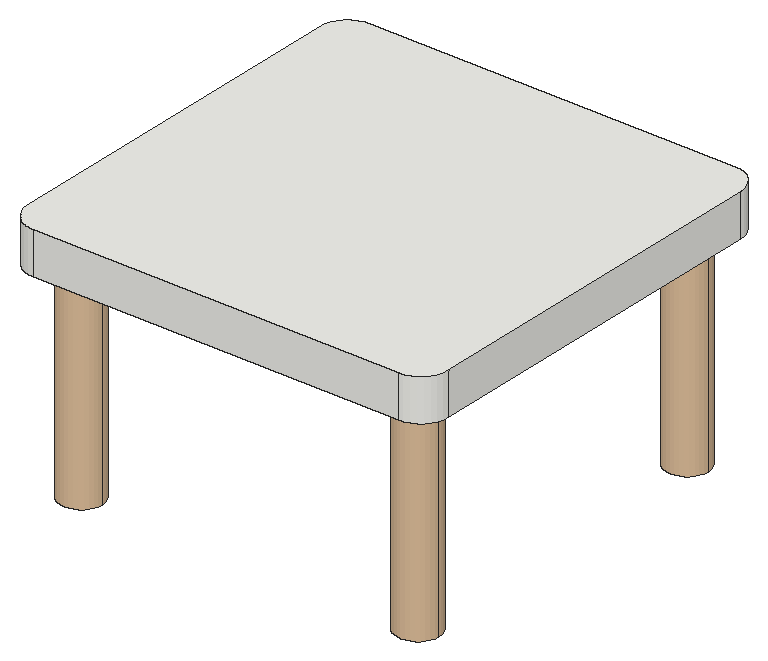
Revit family
Parameters (values of type "0762 x 0762mm")
  Base Material = Wood - Birch
  Height = 457.00 mm
  Length = 762.00 mm
  Top Material = Laminate - Ivory,Matte
  Width = 762.00 mm
Types (4, lengths in mm): name | Height | Length | Width
  (no name) | 457.00 | 762.00 | 762.00
  0610 x 0160mm | 762.00 | 610.00 | 610.00
  0762 x 0762mm | 457.00 | 762.00 | 762.00
  0610 x 0915mm | 762.00 | 610.00 | 915.00
Reference planes
  plane 1: y = 152.4
  plane 2: z = 0
  plane 3 "Left": x = 3.734
  plane 4 "Right": x = 765.734
  plane 5 "Back": y = 533.4
  plane 6 "Front": y = -228.6
  plane 7: x = 384.734
Forms (mm)
  Extrusion 1, solid, material "Laminate - Ivory,Matte" <- "Top Material"
    sketch origin (0, 0, 0) x (1, 0, 0) y (0, 1, 0)
      loop
        line (54.534, -228.6) -> (714.934, -228.6)
        arc (714.934, -228.6) -> (750.855, -213.721) -> (765.734, -177.8) r 50.8
        line (765.734, -177.8) -> (765.734, 482.6)
        arc (765.734, 482.6) -> (750.855, 518.521) -> (714.934, 533.4) r 50.8
        line (714.934, 533.4) -> (54.534, 533.4)
        arc (54.534, 533.4) -> (18.613, 518.521) -> (3.734, 482.6) r 50.8
        line (3.734, 482.6) -> (3.734, -177.8)
        arc (3.734, -177.8) -> (18.613, -213.721) -> (54.534, -228.6) r 50.8
    from 380.8 to 457
  Extrusion 2, solid, material "Wood - Birch" <- "Base Material"
    sketch origin (0, 0, 0) x (1, 0, 0) y (0, 1, 0)
      loop
        circle (79.934, 457.2) r 38.1
      loop
        circle (79.934, -152.4) r 38.1
      loop
        circle (689.534, -152.4) r 38.1
      loop
        circle (689.534, 457.2) r 38.1
    from 0 to 380.8
Lines and regions (mm)
  Masking region 1
    outline origin (0, 0, 0) x (1, 0, 0) y (0, 1, 0)
      loop
        arc (54.534, 533.4) -> (18.613, 518.521) -> (3.734, 482.6) r 50.8
        line (3.734, 482.6) -> (3.734, -177.8)
        arc (3.734, -177.8) -> (18.613, -213.721) -> (54.534, -228.6) r 50.8
        line (54.534, -228.6) -> (714.934, -228.6)
        arc (714.934, -228.6) -> (750.855, -213.721) -> (765.734, -177.8) r 50.8
        line (765.734, -177.8) -> (765.734, 482.6)
        arc (765.734, 482.6) -> (750.855, 518.521) -> (714.934, 533.4) r 50.8
        line (714.934, 533.4) -> (54.534, 533.4)
Dimensions and locks
  locked: Extrusion 1 to Extrusion 1 at 76.2
  "Height": Extrusion 1 to plane 2
  locked: Extrusion 1 to Extrusion 2 sketch curve at 76.2  (x8)
  "Width": plane 5 "Back" to plane 6 "Front"
  "Length": plane 3 "Left" to plane 4 "Right"
  equal spacing: plane 5 "Back", plane 1, plane 6 "Front"
  equal spacing: plane 3 "Left", plane 7, plane 4 "Right"
  radius of Extrusion 1 sketch curve = 50.80 mm  (x4)
  aligned and locked: plane 2 to level
  aligned and locked: plane 6 "Front" to Extrusion 1 sketch curve
  aligned and locked: Extrusion 2 to Extrusion 1
  aligned and locked: Masking region 1 sketch curve to plane 5 "Back"
  aligned and locked: plane 3 "Left" to Masking region 1 sketch curve
  aligned and locked: plane 4 "Right" to Masking region 1 sketch curve
  aligned and locked: Masking region 1 sketch curve to plane 6 "Front"
  aligned: Masking region 1 sketch curve to Extrusion 1
Automatic sketch dimensions
  Extrusion 2 sketch curve to Extrusion 2 sketch curve = 38.10 mm  (x4)
  Extrusion 1 sketch curve to plane 3 "Left" = 0.00 mm
  Extrusion 1 sketch curve to plane 4 "Right" = 0.00 mm
  Extrusion 1 sketch curve to plane 5 "Back" = 0.00 mm
  plane 3 "Left" to Masking region 1 sketch curve = 50.80 mm  (x2)
  plane 4 "Right" to Masking region 1 sketch curve = 50.80 mm  (x2)
